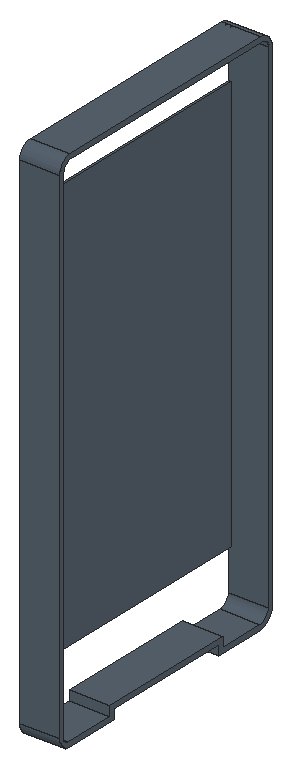
Revit family "Indre By 61118-S", category Meble, Revit 2021
Family settings
  Numer OmniClass = 23.40.20.00
  Tytuł OmniClass = General Furniture and Specialties
  Oparty na płaszczyźnie roboczej = Nie
  Zawsze pionowo = Tak
  Tnij formami wycięć po wczytaniu = Nie
  Współdzielony = Nie
  Punkt obliczania pomieszczeń = Nie
Parameters (values of type "61118-S")
  metal = Kobenhagen RAL 5011
  Width = "6 cm"
  Weight = "15 kg"
  URL = "https://kobenhagen.com/en_US/p/Indre-By-Bicycle-Stand-40-cm/219"
  Product line = "Indre By"
  Product Groups = "Bicycle Stands"
  Producent = "Lars Laj"
  Keynote = ""
  Opis = "Indre By Bicycle Stand 40 cm"
  Model = "61118-S"
  Material = "Powder coated steel"
  Maintenance = "We recommend to examine and tighten all screws and bolt clamps after a few weeks’ use. In order to prevent cracks and to extend the life of the wood, it is recommended that the wood details should be oiled every 3-5 years."
  Lenght = "40 cm"
  Type Comments = ""
  Kobenhagen Materials = "larslaj.com/bim"
  Hosted on larslaj.com = "https://larslaj.com/bim"
  Height = "80 cm"
  Domyślna rzędna = 0 mm
  Copyright = "All designs and drawings are the intellectual property of Lars Laj A/S and are protected by Danish and international copyright laws."
Reference planes
  plane 1 "front": y = 0
  plane 2: z = 0
  plane 3 "Środek (Lewa/Prawa)": x = 0
  plane 4 "back": y = 400
  plane 5: z = 705.918
Forms (mm)
  Extrusion 1, solid, material "Kobenhagen RAL 5011" <- "metal", not visible
    sketch origin (0, 0, 0) x (0, 1, 0) y (0, 0, 1)
      loop
        arc (71.187, 451.5) -> (57.045, 445.642) -> (51.187, 431.5) r 20
        line (51.187, 431.5) -> (51.187, 18.231)
        arc (51.187, 18.231) -> (56.527, 5.34) -> (69.418, 0) r 18.231
        line (69.418, 0) -> (153.638, 0) -> (153.638, 15) -> (448.638, 15) -> (448.638, 0) -> (527.023, 0)
        arc (527.023, 0) -> (542.307, 6.331) -> (548.638, 21.615) r 21.615
        line (548.638, 21.615) -> (548.638, 429.407)
        arc (548.638, 429.407) -> (542.168, 445.029) -> (526.545, 451.5) r 22.093
        line (526.545, 451.5) -> (71.187, 451.5)
    from 750.378 to 745
  Extrusion 2, solid, material "Kobenhagen RAL 5011" <- "metal", not visible
    sketch origin (0, 0, 0) x (0, 1, 0) y (0, 0, 1)
      loop
        line (548.638, 396.844) -> (629.375, 854.725) -> (601.836, 859.581)
        arc (601.836, 859.581) -> (585.224, 855.898) -> (576.082, 841.547) r 22.232
        line (576.082, 841.547) -> (507.306, 451.5) -> (526.545, 451.5)
        arc (526.545, 451.5) -> (542.168, 445.029) -> (548.638, 429.407) r 22.093
        line (548.638, 429.407) -> (548.638, 396.844)
    from 745 to 750.378
  Extrusion 3, solid, material "Kobenhagen Wood - Larch", not visible
    sketch origin (0, -896.088, 385.255) x (0, 1, 0) y (0, 0, 1)
      loop
        arc (244.222, 429.703) -> (240.686, 428.239) -> (239.222, 424.703) r 5
        line (239.222, 424.703) -> (239.222, 388.972)
        arc (239.222, 388.972) -> (239.796, 387.586) -> (241.182, 387.012) r 1.96
        line (241.182, 387.012) -> (327.222, 387.012)
        arc (327.222, 387.012) -> (328.636, 387.598) -> (329.222, 389.012) r 2
        line (329.222, 389.012) -> (329.222, 424.703)
        arc (329.222, 424.703) -> (327.757, 428.239) -> (324.222, 429.703) r 5
        line (324.222, 429.703) -> (244.222, 429.703)
    from -745.625 to 745.937
  Extrusion 4, solid, material "Kobenhagen Wood - Larch", not visible
    sketch origin (0, -998.538, 385.255) x (0, 1, 0) y (0, 0, 1)
      loop
        arc (252.671, 429.703) -> (249.136, 428.239) -> (247.671, 424.703) r 5
        line (247.671, 424.703) -> (247.671, 388.972)
        arc (247.671, 388.972) -> (248.245, 387.586) -> (249.631, 387.012) r 1.96
        line (249.631, 387.012) -> (335.671, 387.012)
        arc (335.671, 387.012) -> (337.085, 387.598) -> (337.671, 389.012) r 2
        line (337.671, 389.012) -> (337.671, 424.703)
        arc (337.671, 424.703) -> (336.207, 428.239) -> (332.671, 429.703) r 5
        line (332.671, 429.703) -> (252.671, 429.703)
    from -745.625 to 745.937
  Extrusion 5, solid, material "Kobenhagen Wood - Larch", not visible
    sketch origin (0, -1101.038, 385.255) x (0, 1, 0) y (0, 0, 1)
      loop
        arc (275.801, 429.704) -> (261.616, 423.828) -> (255.74, 409.642) r 20.061
        line (255.74, 409.642) -> (258.916, 409.642) -> (258.916, 387.013) -> (344.172, 387.013)
        arc (344.172, 387.013) -> (345.585, 387.598) -> (346.171, 389.012) r 1.999
        line (346.171, 389.012) -> (346.171, 424.706)
        arc (346.171, 424.706) -> (344.707, 428.24) -> (341.173, 429.704) r 4.998
        line (341.173, 429.704) -> (275.801, 429.704)
    from -745.625 to 745.937
  Extrusion 6, solid, material "Kobenhagen RAL 5011" <- "metal", not visible
    sketch origin (0, -896.058, 363.795) x (0, 1, 0) y (0, 0, 1)
      loop
        line (53.936, 431.102) -> (51.187, 431.102) -> (51.187, 407.787) -> (53.936, 407.787) -> (53.936, 431.102)
    from -745.625 to 745.937
  Extrusion 7, solid, material "Kobenhagen Wood - Larch", not visible
    sketch origin (0, 162.946, 385.255) x (0, -1, 0) y (0, 0, -1)
      loop
        line (275.801, -429.704) -> (342.815, -429.704)
        arc (342.815, -429.704) -> (346.349, -428.24) -> (347.813, -424.706) r 4.998
        line (347.813, -424.706) -> (347.813, -389.012)
        arc (347.813, -389.012) -> (347.227, -387.598) -> (345.813, -387.013) r 1.999
        line (345.813, -387.013) -> (258.705, -387.013) -> (258.705, -409.642) -> (255.74, -409.642)
        arc (255.74, -409.642) -> (261.616, -423.828) -> (275.801, -429.704) r 20.061
    from -745.625 to 745.938
  Extrusion 8, solid, material "Kobenhagen RAL 5011" <- "metal", not visible
    sketch origin (0, -41.823, 363.795) x (0, -1, 0) y (0, 0, -1)
      loop
        line (53.936, -431.102) -> (53.936, -407.787) -> (51.187, -407.787) -> (51.187, -431.102) -> (53.936, -431.102)
    from -745.625 to 745.938
  Extrusion 9, solid, material "Kobenhagen Wood - Larch", not visible
    sketch origin (0, -707.338, 385.255) x (0, 1, 0) y (0, 0, 1)
      loop
        arc (244.222, 429.703) -> (240.686, 428.239) -> (239.222, 424.703) r 5
        line (239.222, 424.703) -> (239.222, 388.972)
        arc (239.222, 388.972) -> (239.796, 387.586) -> (241.182, 387.012) r 1.96
        line (241.182, 387.012) -> (327.222, 387.012)
        arc (327.222, 387.012) -> (328.636, 387.598) -> (329.222, 389.012) r 2
        line (329.222, 389.012) -> (329.222, 424.703)
        arc (329.222, 424.703) -> (327.757, 428.239) -> (324.222, 429.703) r 5
        line (324.222, 429.703) -> (244.222, 429.703)
    from -745.625 to 745.937
  Extrusion 10, solid, material "Kobenhagen Wood - Larch", not visible
    sketch origin (0, -809.788, 385.255) x (0, 1, 0) y (0, 0, 1)
      loop
        arc (252.671, 429.703) -> (249.136, 428.239) -> (247.671, 424.703) r 5
        line (247.671, 424.703) -> (247.671, 388.972)
        arc (247.671, 388.972) -> (248.245, 387.586) -> (249.631, 387.012) r 1.96
        line (249.631, 387.012) -> (335.671, 387.012)
        arc (335.671, 387.012) -> (337.085, 387.598) -> (337.671, 389.012) r 2
        line (337.671, 389.012) -> (337.671, 424.703)
        arc (337.671, 424.703) -> (336.207, 428.239) -> (332.671, 429.703) r 5
        line (332.671, 429.703) -> (252.671, 429.703)
    from -745.625 to 745.937
  Extrusion 11, solid, material "Kobenhagen Wood - Larch", not visible
    sketch origin (0, -519.338, 385.255) x (0, 1, 0) y (0, 0, 1)
      loop
        arc (244.222, 429.703) -> (240.686, 428.239) -> (239.222, 424.703) r 5
        line (239.222, 424.703) -> (239.222, 388.972)
        arc (239.222, 388.972) -> (239.796, 387.586) -> (241.182, 387.012) r 1.96
        line (241.182, 387.012) -> (327.222, 387.012)
        arc (327.222, 387.012) -> (328.636, 387.598) -> (329.222, 389.012) r 2
        line (329.222, 389.012) -> (329.222, 424.703)
        arc (329.222, 424.703) -> (327.757, 428.239) -> (324.222, 429.703) r 5
        line (324.222, 429.703) -> (244.222, 429.703)
    from -745.625 to 745.937
  Extrusion 12, solid, material "Kobenhagen Wood - Larch", not visible
    sketch origin (0, -621.788, 385.255) x (0, 1, 0) y (0, 0, 1)
      loop
        arc (252.671, 429.703) -> (249.136, 428.239) -> (247.671, 424.703) r 5
        line (247.671, 424.703) -> (247.671, 388.972)
        arc (247.671, 388.972) -> (248.245, 387.586) -> (249.631, 387.012) r 1.96
        line (249.631, 387.012) -> (335.671, 387.012)
        arc (335.671, 387.012) -> (337.085, 387.598) -> (337.671, 389.012) r 2
        line (337.671, 389.012) -> (337.671, 424.703)
        arc (337.671, 424.703) -> (336.207, 428.239) -> (332.671, 429.703) r 5
        line (332.671, 429.703) -> (252.671, 429.703)
    from -745.625 to 745.937
  Extrusion 13, solid, material "Kobenhagen RAL 5011" <- "metal"
    sketch origin (870, -51.25, 0) x (0, -1, 0) y (0, 0, 1)
      loop
        line (-57.017, 714) -> (-444.687, 714) -> (-444.687, 86) -> (-57.017, 86) -> (-57.017, 714)
    from 890.131 to 893.125
  Extrusion 14, solid, material "Kobenhagen RAL 5011" <- "metal"
    sketch origin (870, -51.25, 0) x (0, 1, 0) y (0, 0, 1)
      loop
        line (450.826, 23.296) -> (450.826, 779.812)
        arc (450.826, 779.812) -> (444.968, 793.955) -> (430.826, 799.812) r 20
        line (430.826, 799.812) -> (71.187, 799.812)
        arc (71.187, 799.812) -> (57.045, 793.955) -> (51.187, 779.812) r 20
        line (51.187, 779.812) -> (51.187, 18.763)
        arc (51.187, 18.763) -> (56.683, 5.495) -> (69.95, 0) r 18.763
        line (69.95, 0) -> (153.638, 0) -> (153.638, 15) -> (350.826, 15) -> (350.826, 0) -> (427.53, 0)
        arc (427.53, 0) -> (444.003, 6.823) -> (450.826, 23.296) r 23.296
      loop
        arc (73.645, 793.812) -> (61.887, 788.942) -> (57.017, 777.184) r 16.628
        line (57.017, 777.184) -> (57.017, 18.763)
        arc (57.017, 18.763) -> (60.315, 10.799) -> (68.279, 7.5) r 11.263
        line (68.279, 7.5) -> (146.138, 7.5) -> (146.138, 22.5) -> (358.326, 22.5) -> (358.326, 7.5) -> (428.891, 7.5)
        arc (428.891, 7.5) -> (440.06, 12.127) -> (444.687, 23.296) r 15.796
        line (444.687, 23.296) -> (444.687, 780.419)
        arc (444.687, 780.419) -> (440.764, 789.89) -> (431.293, 793.812) r 13.394
        line (431.293, 793.812) -> (73.645, 793.812)
    from -893.125 to -833.125
Lines and regions (mm)
  model lines, style "9"
    curve 1: line (264.233, -99.489, 0) -> (264.233, -93.489, 0)
    curve 2: line (264.233, -399.489, 0) -> (264.233, -405.489, 0)
    curve 3: line (-304.767, -99.489, 0) -> (-304.767, -93.489, 0)
    curve 4: line (-304.767, -399.489, 0) -> (-304.767, -405.489, 0)
    curve 5: line (-281.767, -99.489, 0) -> (-281.767, -93.489, 0)
    curve 6: line (-281.767, -399.489, 0) -> (-281.767, -405.489, 0)
    curve 7: line (0, -245.5, 21) -> (0, -239.5, 21)
    curve 8: line (0, -445.5, 21) -> (0, -451.5, 21)
    curve 9: line (0, -194.867, 21.088) -> (0, -188.867, 21.088)
    curve 10: line (0, -744.867, 21.088) -> (0, -750.867, 21.088)
    curve 11: line (0, 199.767, 21) -> (0, 205.767, 21)
Dimensions and locks
  Extrusion 3 sketch curve to Extrusion 3 sketch curve = 90 mm
  Extrusion 3 sketch curve to Extrusion 3 sketch curve = 42.691 mm
  Extrusion 4 sketch curve to Extrusion 4 sketch curve = 90 mm
  Extrusion 4 sketch curve to Extrusion 4 sketch curve = 42.691 mm
  Extrusion 5 sketch curve to Extrusion 5 sketch curve = 42.691 mm
  Extrusion 7 sketch curve to Extrusion 7 sketch curve = 42.691 mm
  Extrusion 9 sketch curve to Extrusion 9 sketch curve = 90 mm
  Extrusion 9 sketch curve to Extrusion 9 sketch curve = 42.691 mm
  Extrusion 10 sketch curve to Extrusion 10 sketch curve = 90 mm
  Extrusion 10 sketch curve to Extrusion 10 sketch curve = 42.691 mm
  Extrusion 11 sketch curve to Extrusion 11 sketch curve = 90 mm
  Extrusion 11 sketch curve to Extrusion 11 sketch curve = 42.691 mm
  Extrusion 12 sketch curve to Extrusion 12 sketch curve = 90 mm
  Extrusion 12 sketch curve to Extrusion 12 sketch curve = 42.691 mm
  Extrusion 14 sketch curve to Extrusion 13 = 393.809 mm
  plane 4 "back" to plane 1 "front" = 400 mm
  aligned and locked: level to plane 2
